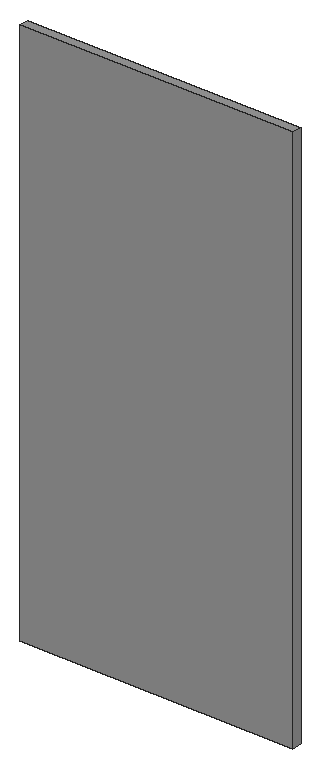
Revit family "RM - Pannello", category Pannelli di facciata continua, Revit 2016
Family settings
  Numero OmniClass = 23.25.20.14.11.11.17
  Titolo OmniClass = Infill Panels
  Sempre verticale = Sì
  Taglio con vuoti quando caricato = No
  Condiviso = No
Parameters (values of type "Pannello 120")
  Spessore pannello = 0.020 m
  Mezzo Giunto = 0.003 m
  Materiale = Porcellana, Avorio
  Larghezza [instance] = 0.600 m
  Filo Esterno = 0.200 m
  Costruzione analitica = "<Nessuno>"
  Altezza = 1.200 m
Types (4, lengths in m): name | Altezza
  Pannello 30 | 0.300
  Pannello 60 | 0.600
  Pannello 90 | 0.900
  Pannello 120 | 1.200
Reference planes (m)
  plane 1 "Centro (Fronte/Retro)": y = 0
  plane 2: z = 0
  plane 3 "Centro (Sinistra/Destra)": x = 0
  plane 4 "Sinistra": x = -0.3
  plane 5 "Destra": x = 0.3
  plane 6 "Parte superiore": z = 4
  plane 7: y = 0.2
  plane 8: y = 0.18
  plane 9: z = 1.2
  plane 10: x = -0.297
  plane 11: x = 0.297
Forms (m)
  Extrusion 1, solid, material "Porcellana, Avorio" <- "Materiale"
    sketch origin (0, 0, 0) x (1, 0, 0) y (0, 1, 0)
      loop
        line (-0.297, 0.2) -> (-0.297, 0.18) -> (0.297, 0.18) -> (0.297, 0.2) -> (-0.297, 0.2)
    from 0 to 1.2
Text (m)
  text "Esterno" at (-1.017231, 1.149231, 0), in view "Livello rif."
  text "Esterno" at (0, 2.290741, 4.406713), in view "Sinistra"
  text "Esterno" at (0, 1.328187, 4.120349), in view "Destra"
Dimensions and locks (m)
  equal spacing: plane 4 "Sinistra", plane 3 "Centro (Sinistra/Destra)", plane 5 "Destra"
  "Altezza": plane 2 to plane 9
  "Larghezza": plane 4 "Sinistra" to plane 5 "Destra"
  "Spessore pannello": plane 7 to plane 8
  "Filo Esterno": plane 7 to plane 1 "Centro (Fronte/Retro)"
  "Mezzo Giunto": plane 4 "Sinistra" to plane 10
  "Mezzo Giunto": plane 11 to plane 5 "Destra"
  aligned and locked: level to plane 2
  aligned and locked: plane 10 to Extrusion 1 sketch curve
  aligned and locked: Extrusion 1 sketch curve to plane 7
  aligned and locked: plane 8 to Extrusion 1 sketch curve
  aligned and locked: Extrusion 1 sketch curve to plane 11
  aligned and locked: plane 9 to Extrusion 1
